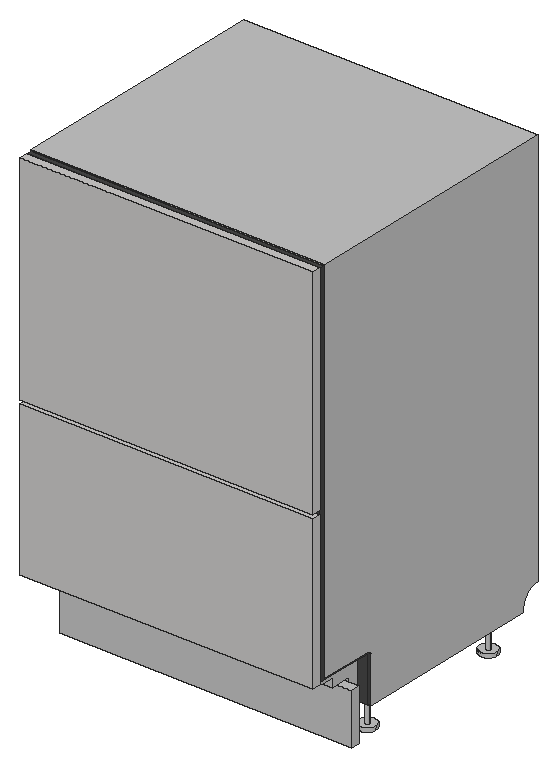
Revit family "FP-Revit18-en-DD60DTX6I1-DishDrawer-0-90001208B-NZ-AU-UK-IE-EU-CN-SG-ASIA", category Specialty Equipment, Revit 2020
Family settings
  Round Connector Dimension = Use Diameter
  Part Type = Normal
  OmniClass Number = 23.40.40.14.31
  OmniClass Title = Cleaning and Disposal Equipment
  Work Plane-Based = No
  Always vertical = Yes
  Cut with Voids When Loaded = Yes
  Shared = No
  Room Calculation Point = No
Parameters (values of type "DD60DTX6I1-DD60DTX6HI1")
  Visibility - Toe Kick = yes
  Visibility - Door Panel = yes
  Visibility - Clearance Required = yes
  URL = "www.fisherpaykel.com"
  Toe Kick - Recess (40mm - 100mm) = 100 mm
  Product - Width = 599 mm  # constant formula
  Product - Height (864mm - 924mm) = 924 mm
  Product - Depth = 571 mm  # constant formula
  Panel - Depth [instance] = 18 mm
  Model = "DD60DTX6HI1"
  Material - Trim = Fisher & Paykel - Black
  Material - Toe Kick = Fisher & Paykel - Stainless Steel
  Material - Front = Fisher & Paykel - Stainless Steel
  Material - Body = Fisher & Paykel - Grey
  Manufacturer = "Fisher & Paykel Appliances"
  Lower panel extension (311 - 361mm) = 311 mm
  Description = "60cm DishDrawer, Integrated"
  Default Elevation = 0 mm
  Connector Description - Water = "3/4” BSP (GB20) to suit flat washer"
  Connector Description - Sanitary = "Drain Hose to spigot or standpipe"
  Connector Description - Electrical = "220-240 V, 50 Hz, min 8.5 A, fused electrical supply"
  Chassis - Height (855mm Tall or 811mm Std) = 855 mm  # constant formula
  Chassis - Depth = 553 mm  # constant formula
  Cavity - Width = 600 mm  # constant formula
  Cavity - Depth (excluding front panel) = 560 mm  # constant formula
Types (2, lengths in mm): name | Visibility - Toe Kick | Visibility - Door Panel | Product - Height (864mm - 924mm) | Model | Lower panel extension (311 - 361mm) | Connector Description - Sanitary
  DD60DTX6I1-DD60DTX6HI1 | yes | yes | 924 | "DD60DTX6HI1" | 311 | "Drain Hose to spigot or standpipe"
  DD60DTX6I1 | no | no | 900 | "DD60DTX6I1" | 310.5 | "Drain Hose, No Fitting Required"
Reference planes
  plane 1 "Datum": y = 0
  plane 2: z = 0
  plane 3 "Center (Left/Right)": x = 0
  plane 4: z = 0
  plane 5 "Product LHS": x = -299.5
  plane 6 "Product RHS": x = 299.5
  plane 7 "Product - Depth": y = 553
  plane 8 "Cavity LHS": x = -300
  plane 9 "Cavity RHS": x = 300
  plane 10 "Cavity - Depth": y = 560
  plane 11 "Leg Height": z = 69
  plane 12 "Product - Height": z = 924
  plane 13 "Cavity - Height": z = 926
  plane 14 "Door Panel - Depth": y = -18
Forms (mm)
  Extrusion 1, solid, material "Fisher & Paykel - Grey" <- "Material - Body"
    sketch origin (0, 0, 0) x (0, 1, 0) y (0, 0, 1)
      loop
        line (12, 924) -> (12, 170.5) -> (118.15, 170.5)
        arc (118.15, 170.5) -> (125.221, 167.571) -> (128.15, 160.5) r 10
        line (128.15, 160.5) -> (128.15, 69) -> (510.35, 69) -> (510.35, 113.298) -> (553, 113.298) -> (553, 924) -> (12, 924)
    from -299.5 to 299.5
  Extrusion 2, solid, material "Fisher & Paykel - Grey" <- "Material - Body", detail levels fine
    sketch origin (0, 0, 0) x (1, 0, 0) y (0, 0, 1)
      loop
        line (-274, 870.4) -> (-274, 657.176)
        arc (-274, 657.176) -> (-272.536, 653.64) -> (-269, 652.176) r 5
        line (-269, 652.176) -> (-250, 652.176) -> (-250, 482) -> (250, 482) -> (250, 652.907) -> (269, 652.907)
        arc (269, 652.907) -> (272.536, 654.371) -> (274, 657.907) r 5
        line (274, 657.907) -> (274, 870.4)
        arc (274, 870.4) -> (271.071, 877.471) -> (264, 880.4) r 10
        line (264, 880.4) -> (-264, 880.4)
        arc (-264, 880.4) -> (-271.071, 877.471) -> (-274, 870.4) r 10
      loop
        line (-274, 470.676) -> (-274, 451.976)
        arc (-274, 451.976) -> (-272.536, 448.44) -> (-269, 446.976) r 5
        line (-269, 446.976) -> (-235, 446.976) -> (-235, 440.976) -> (-269, 440.976)
        arc (-269, 440.976) -> (-272.536, 439.512) -> (-274, 435.976) r 5
        line (-274, 435.976) -> (-274, 213.476) -> (-250, 213.476) -> (-250, 163.476) -> (250, 163.476) -> (250, 213.476) -> (274, 213.476) -> (274, 435.976)
        arc (274, 435.976) -> (272.536, 439.512) -> (269, 440.976) r 5
        line (269, 440.976) -> (235, 440.976) -> (235, 446.976) -> (269, 446.976)
        arc (269, 446.976) -> (272.536, 448.44) -> (274, 451.976) r 5
        line (274, 451.976) -> (274, 470.676) -> (-274, 470.676)
      loop
        circle (241, 428.875) r 2.5
      loop
        circle (196.5, 357.976) r 8
      loop
        circle (213, 324.976) r 8
      loop
        circle (180, 324.976) r 8
      loop
        circle (262.5, 299.976) r 2.017
      loop
        circle (263.5, 240.576) r 2.612
      loop
        circle (263.5, 362.976) r 2.718
      loop
        circle (262.5, 395.476) r 2
      loop
        circle (-241, 428.875) r 2.5
      loop
        circle (-262.5, 299.976) r 2.017
      loop
        circle (-263.5, 245.576) r 2.612
      loop
        circle (-263.5, 367.976) r 2.718
      loop
        circle (-262.5, 395.476) r 2
      loop
        circle (262.5, 839.676) r 1.941
      loop
        circle (263.5, 812.176) r 2.488
      loop
        circle (262.5, 744.907) r 2
      loop
        circle (263.5, 690.507) r 2.685
      loop
        circle (-262.5, 839.676) r 1.941
      loop
        circle (-263.5, 812.176) r 2.488
      loop
        circle (-262.5, 744.176) r 2
      loop
        line (103, 446.976) -> (103, 440.976) -> (225, 440.976) -> (225, 446.976) -> (103, 446.976)
      loop
        line (-77, 446.976) -> (-77, 435.976) -> (-21, 435.976) -> (-21, 440.976) -> (21, 440.976) -> (21, 435.976) -> (77, 435.976) -> (77, 446.976) -> (-77, 446.976)
      loop
        line (-103, 446.976) -> (-225, 446.976) -> (-225, 440.976) -> (-103, 440.976) -> (-103, 446.976)
      loop
        circle (196.5, 794.907) r 8
      loop
        circle (213, 761.907) r 8
      loop
        circle (180, 761.907) r 8
    from 0 to 0.8
  Extrusion 3, solid, material "Fisher & Paykel - Black" <- "Material - Trim"
    sketch origin (0, 0, 0) x (1, 0, 0) y (0, 0, 1)
      loop
        line (-297.5, 922.541) -> (-297.5, 166.404) -> (-283.999, 166.404) -> (-283.999, 914) -> (284, 914) -> (284, 166.404) -> (297.5, 166.404) -> (297.5, 922.541) -> (-297.5, 922.541)
    from -12 to 0
  Extrusion 4, solid, material "Fisher & Paykel - Grey" <- "Material - Body"
    sketch origin (0, -1.875, 0) x (1, 0, 0) y (0, 1, 0)
      loop
        circle (-260.6, 478.3) r 4
      loop
        circle (-260.6, 170.1) r 4
      loop
        circle (260.6, 478.3) r 4
      loop
        circle (260.6, 170.1) r 4
    from 7 to 69
  Extrusion 5, solid, material "Fisher & Paykel - Grey" <- "Material - Body"
    sketch origin (0, -1.875, 0) x (1, 0, 0) y (0, 1, 0)
      loop
        circle (-260.6, 170.1) r 17.816
      loop
        circle (-260.6, 478.3) r 17.816
      loop
        circle (260.6, 170.1) r 17.816
      loop
        circle (260.6, 478.3) r 17.816
    from 0 to 7
  Sweep 6, solid, material "Fisher & Paykel - Grey" <- "Material - Body", detail levels medium+fine
    path origin (0, 537.938, 0) x (1, 0, 0) y (0, 0, 1)
      loop
        line (-134.5, 113.298) -> (-134.5, 89)
        arc (-134.5, 89) -> (-140.358, 74.858) -> (-154.5, 69) r 20
        line (-154.5, 69) -> (-349.5, 69)
    profile origin (-134.5, 537.938, 101.149) x (0, -1, 0) y (1, 0, 0)
      loop
        circle (0, 0) r 9
  Sweep 7, solid, material "Fisher & Paykel - Grey" <- "Material - Body", detail levels medium+fine
    path origin (0, 537.938, 0) x (1, 0, 0) y (0, 0, 1)
      loop
        line (-189.5, 113.298) -> (-189.5, 105)
        arc (-189.5, 105) -> (-195.358, 90.858) -> (-209.5, 85) r 20
        line (-209.5, 85) -> (-349.5, 85)
    profile origin (-189.5, 537.938, 109.149) x (0, -1, 0) y (1, 0, 0)
      loop
        circle (0, 0) r 9
  Sweep 8, solid, material "Fisher & Paykel - Grey" <- "Material - Body", detail levels medium+fine
    path origin (0, 0, 0) x (1, 0, 0) y (0, 0, 1)
      loop
        line (-349.186, 77.851) -> (-218.186, 77.851)
        arc (-218.186, 77.851) -> (-204.044, 83.709) -> (-198.186, 97.851) r 20
        line (-198.186, 97.851) -> (-198.186, 113.298)
    profile origin (-198.186, 0, 105.575) x (-1, 0, 0) y (0, -1, 0)
      loop
        circle (0, -524.105) r 5
  Extrusion 9, solid, material "Fisher & Paykel - Clearance Required", visible <- "Visibility - Clearance Required", detail levels coarse
    sketch origin (0, 0, 0) x (0, 1, 0) y (0, 0, 1)
      loop
        line (-545, 12) -> (-18, 12) -> (-18, 473.976) -> (-545, 473.976) -> (-545, 404.976) -> (-586, 404.976) -> (-586, 388.973) -> (-545, 388.973) -> (-545, 12)
      loop
        line (-18, 482) -> (-18, 924) -> (-545, 924) -> (-545, 855) -> (-586, 855) -> (-586, 838.997) -> (-545, 838.997) -> (-545, 482) -> (-18, 482)
    from -300 to 300
  Extrusion 10, solid, material "Fisher & Paykel - Clearance Required", visible <- "Visibility - Clearance Required", detail levels coarse
    sketch origin (0, 0, 0) x (1, 0, 0) y (0, 1, 0)
      loop
        line (300, 560) -> (-300, 560) -> (-300, -18) -> (300, -18) -> (300, 560)
    from 0 to 926
  Extrusion 11, void
    sketch origin (0, 0, 0) x (1, 0, 0) y (0, 1, 0)
      loop
        line (-300, -18) -> (300, -18) -> (300, 560) -> (-300, 560) -> (-300, -18)
    from 0 to 926
  Extrusion 12, solid, material "Fisher & Paykel - Grey" <- "Material - Body"
    sketch origin (0, 0, 0) x (1, 0, 0) y (0, 0, 1)
      loop
        line (-283.999, 914) -> (-283.999, 166.404) -> (284, 166.404) -> (284, 914) -> (-283.999, 914)
    from -12 to 0
  Extrusion 13, solid, material "Fisher & Paykel - Grey" <- "Material - Body"
    sketch origin (0, 0, 0) x (0, 1, 0) y (0, 0, 1)
      loop
        line (124.15, 74.492) -> (124.15, 166.404) -> (0, 166.404) -> (0, 153.265)
        arc (0, 153.265) -> (17.333, 145.771) -> (35.586, 140.932) r 126.919
        line (35.586, 140.932) -> (61.053, 140.932) -> (61.053, 123.582) -> (103.548, 123.582) -> (103.548, 112.084) -> (122.346, 101.363) -> (122.346, 74.492) -> (124.15, 74.492)
    from -275 to 275
  Extrusion 14, solid, material "Fisher & Paykel - Grey" <- "Material - Body", detail levels fine
    sketch origin (0, 0, 0) x (0, 1, 0) y (0, 0, 1)
      loop
        arc (545.956, 103.845) -> (549.529, 105.356) -> (550.933, 108.972) r 4.979
        line (550.933, 108.972) -> (550.933, 113.298) -> (510.35, 113.298) -> (510.35, 85.689) -> (530.184, 103.845) -> (545.956, 103.845)
    from -229.8 to -91.607
  Sweep 15, solid, material "Fisher & Paykel - Grey" <- "Material - Body", detail levels medium+fine
    path origin (0, 0, 0) x (1, 0, 0) y (0, 1, 0)
      loop
        line (-47.875, 510.35) -> (-47.875, 529.222)
        arc (-47.875, 529.222) -> (-52.269, 539.828) -> (-62.875, 544.222) r 15
        line (-62.875, 544.222) -> (-349.5, 544.222)
    profile origin (-47.875, 519.786, 0) x (-1, 0, 0) y (0, 0, 1)
      loop
        circle (0, 93.3) r 5
  Extrusion 16, solid, material "Fisher & Paykel - Black" <- "Material - Trim", detail levels fine
    sketch origin (0, 0, 0) x (0, 1, 0) y (0, 0, 1)
      loop
        line (128.15, 72.091) -> (128.15, 160.5)
        arc (128.15, 160.5) -> (125.221, 167.571) -> (118.15, 170.5) r 10
        line (118.15, 170.5) -> (12, 170.5) -> (12, 166.404) -> (124.15, 166.404) -> (124.15, 72.091) -> (128.15, 72.091)
    from -297.5 to 297.5
  Extrusion 17, solid, material "Fisher & Paykel - Grey" <- "Material - Body"
    sketch origin (0, 0, 0) x (0, 1, 0) y (0, 0, 1)
      loop
        line (510.35, 113.298) -> (510.35, 69) -> (514.35, 69)
        arc (514.35, 69) -> (525.48, 97.009) -> (553, 109.298) r 40
        line (553, 109.298) -> (553, 113.298) -> (510.35, 113.298)
    from 288.5 to 299.5
  Extrusion 18, solid, material "Fisher & Paykel - Grey" <- "Material - Body"
    sketch origin (0, 0, 0) x (0, 1, 0) y (0, 0, -1)
      loop
        line (510.35, -113.298) -> (553, -113.298) -> (553, -109.298)
        arc (553, -109.298) -> (525.48, -97.009) -> (514.35, -69) r 40
        line (514.35, -69) -> (510.35, -69) -> (510.35, -113.298)
    from 288.5 to 299.5
  Extrusion 19, solid, material "Fisher & Paykel - Stainless Steel" <- "Material - Front", visible <- "Visibility - Door Panel"
    sketch origin (0, 0, 0) x (1, 0, 0) y (0, 0, 1)
      loop
        line (-298, 924) -> (-298, 482) -> (298, 482) -> (298, 924) -> (-298, 924)
      loop
        line (-298, 473.976) -> (-298, 162.976) -> (298, 162.976) -> (298, 473.976) -> (-298, 473.976)
    from 0.8 to 18
  Extrusion 20, solid, material "Fisher & Paykel - Grey", visible <- "Visibility - Toe Kick"
    sketch origin (0, 0, 0) x (0, 1, 0) y (0, 0, 1)
      loop
        line (100, 12) -> (100, 135) -> (82, 135) -> (82, 12) -> (100, 12)
    from -297.5 to 297.5
  Extrusion 21, void
    sketch origin (229.237, 0, 0) x (0, 1, 0) y (0, 0, 1)
      loop
        line (122.346, 101.363) -> (122.346, 166.404) -> (61.053, 166.404) -> (61.053, 116.404) -> (103.548, 116.404) -> (103.548, 112.084) -> (122.346, 101.363)
    from 0 to 600
  Extrusion 22, void
    sketch origin (229.237, 0, 0) x (0, 1, 0) y (0, 0, 1)
      loop
        line (122.346, 101.363) -> (122.346, 74.492) -> (124.15, 74.492) -> (124.15, 135) -> (61.053, 135) -> (61.053, 116.582) -> (103.548, 116.582) -> (103.548, 112.084) -> (122.346, 101.363)
    from -526.737 to 68.263
Cuts and joins
  joined: Extrusion 1, Extrusion 17, Extrusion 18
  Extrusion 21, Extrusion 22 cuts Extrusion 12
  joined: Extrusion 12, Extrusion 13
  Extrusion 21, Extrusion 22 cuts Extrusion 10
  Extrusion 21, Extrusion 22 cuts Extrusion 16
  Extrusion 22 cuts Extrusion 20
Text (mm)
  text "Due to ongoing product development, product details are subject to change without notice. \nPlease always refer to www.fisherpaykel.com for the most current product information. \n© Fisher & Paykel 2020" at (41.04, -690.05, 0), in view "Ref. Level (Plan)"
Dimensions and locks
  equal spacing: plane 5 "Product LHS", plane 3 "Center (Left/Right)", plane 6 "Product RHS"
  "Product - Width": plane 5 "Product LHS" to plane 6 "Product RHS"
  "Chassis - Depth": plane 1 "Datum" to plane 7 "Product - Depth"
  equal spacing: plane 8 "Cavity LHS", plane 3 "Center (Left/Right)", plane 9 "Cavity RHS"
  "Cavity - Width": plane 8 "Cavity LHS" to plane 9 "Cavity RHS"
  Extrusion 1 sketch curve to Extrusion 1 sketch curve = 855 mm
  Extrusion 2 sketch curve to plane 11 "Leg Height" = 401.676 mm
  "Chassis - Height (855mm Tall or 811mm Std)": plane 12 "Product - Height" to plane 11 "Leg Height"
  Extrusion 2 sketch curve to plane 11 "Leg Height" = 583.176 mm
  locked: plane 12 "Product - Height" to Extrusion 2 sketch curve at 43.6
  "Product - Height (864mm - 924mm)": plane 12 "Product - Height" to level
  plane 12 "Product - Height" to Extrusion 2 = 43.6 mm
  Extrusion 2 to plane 11 "Leg Height" = 401.676 mm
  Extrusion 2 to plane 11 "Leg Height" = 413 mm
  locked: plane 13 "Cavity - Height" to plane 12 "Product - Height" at 2
  "Panel - Depth": plane 14 "Door Panel - Depth" to plane 1 "Datum"
  plane 14 "Door Panel - Depth" to plane 7 "Product - Depth" = 571 mm
  locked: plane 11 "Leg Height" to Sweep 15 sketch curve at 24.3
  equal spacing: Extrusion 19 sketch curve, plane 3 "Center (Left/Right)", Extrusion 19 sketch curve
  locked: Extrusion 19 sketch curve to Extrusion 19 sketch curve at 442
  "Lower panel extension (311 - 361mm)": Extrusion 19 sketch curve to Extrusion 19 sketch curve
  locked: Extrusion 19 sketch curve to Extrusion 19 sketch curve at 8.024
  locked: Extrusion 19 sketch curve to Extrusion 19 sketch curve at 596
  plane 12 "Product - Height" to Extrusion 19 sketch curve = 0 mm
  locked: plane 11 "Leg Height" to cut or joined group of Extrusion 12, Extrusion 13, Extrusion 21, Extrusion 22 at 71.932
  "Panel - Depth": Extrusion 20 to Extrusion 20
  "Toe Kick - Recess (40mm - 100mm)": plane 14 "Door Panel - Depth" to Extrusion 20
  "Cavity - Depth (excluding front panel)": plane 1 "Datum" to plane 10 "Cavity - Depth"
  Extrusion 19 to Extrusion 9 sketch curve = 150.976 mm
  locked: level to Extrusion 20 sketch curve at 12
  locked: Extrusion 16 to Extrusion 20 sketch curve at 31.404
  locked: Extrusion 21 sketch curve to cut or joined group of Extrusion 12, Extrusion 13, Extrusion 21, Extrusion 22 at 7.178
  plane 6 "Product RHS" to Extrusion 22 = 2 mm
  locked: Extrusion 22 sketch curve to cut or joined group of Extrusion 12, Extrusion 13, Extrusion 21, Extrusion 22 at 7
  locked: Extrusion 9 sketch curve to level at 12
  aligned and locked: level to plane 2
  aligned and locked: Extrusion 1 sketch curve to plane 11 "Leg Height"
  aligned and locked: Extrusion 4 to Extrusion 5
  aligned and locked: plane 12 "Product - Height" to Extrusion 1
  aligned and locked: Extrusion 9 to plane 9 "Cavity RHS"
  aligned and locked: plane 8 "Cavity LHS" to Extrusion 9
  aligned and locked: Extrusion 10 sketch curve to plane 8 "Cavity LHS"
  aligned and locked: Extrusion 10 sketch curve to plane 9 "Cavity RHS"
  aligned and locked: plane 10 "Cavity - Depth" to Extrusion 10 sketch curve
  aligned and locked: Extrusion 4 to Extrusion 1
  aligned and locked: plane 13 "Cavity - Height" to Extrusion 11
  aligned and locked: Extrusion 17 sketch curve to Extrusion 1
  aligned and locked: cut or joined group of Extrusion 1, Extrusion 17, Extrusion 18 to Sweep 6 sketch curve
  aligned and locked: cut or joined group of Extrusion 1, Extrusion 17, Extrusion 18 to Sweep 7 sketch curve
  aligned and locked: Sweep 7 to Sweep 8 sketch curve
  aligned and locked: Extrusion 19 sketch curve to Extrusion 19 sketch curve  (x2)
  aligned and locked: Extrusion 19 to Extrusion 9
  aligned and locked: Extrusion 11 to Extrusion 19
  aligned and locked: Extrusion 9 to Extrusion 2
  aligned and locked: Extrusion 10 to Extrusion 9
  aligned and locked: Extrusion 11 to Extrusion 9
  aligned and locked: plane 14 "Door Panel - Depth" to Extrusion 19
  aligned and locked: plane 12 "Product - Height" to Extrusion 9
  aligned and locked: Extrusion 10 to Extrusion 11
  aligned and locked: Extrusion 21 sketch curve to cut or joined group of Extrusion 12, Extrusion 13, Extrusion 21, Extrusion 22  (x3)
  aligned and locked: Extrusion 16 to Extrusion 21 sketch curve
  aligned and locked: Extrusion 22 sketch curve to cut or joined group of Extrusion 12, Extrusion 13, Extrusion 21, Extrusion 22  (x5)
  aligned and locked: Extrusion 3 to Extrusion 22
  aligned and locked: Extrusion 22 to Extrusion 3
Automatic sketch dimensions
  Extrusion 1 sketch curve to plane 7 "Product - Depth" = 0 mm
  Extrusion 1 sketch curve to plane 7 "Product - Depth" = 42.65 mm
  Extrusion 1 sketch curve to plane 1 "Datum" = 128.15 mm
  Extrusion 1 sketch curve to Extrusion 1 sketch curve = 10 mm
  Extrusion 1 sketch curve to plane 1 "Datum" = 12 mm
  Extrusion 1 sketch curve to plane 11 "Leg Height" = 44.298 mm
  Extrusion 1 sketch curve to plane 11 "Leg Height" = 91.5 mm
  Extrusion 2 sketch curve to plane 5 "Product LHS" = 25.5 mm  (x3)
  Extrusion 2 sketch curve to Extrusion 2 sketch curve = 5 mm  (x7)
  Extrusion 2 sketch curve to Extrusion 2 sketch curve = 10 mm  (x3)
  Extrusion 2 sketch curve to plane 5 "Product LHS" = 36 mm  (x2)
  Extrusion 2 sketch curve to Extrusion 2 sketch curve = 10.5 mm
  Extrusion 2 sketch curve to Extrusion 2 sketch curve = 1 mm  (x4)
  Extrusion 2 sketch curve to plane 5 "Product LHS" = 37 mm  (x2)
  Extrusion 2 sketch curve to Extrusion 2 sketch curve = 24 mm  (x2)
  Extrusion 2 sketch curve to plane 5 "Product LHS" = 49.5 mm
  Extrusion 2 sketch curve to Extrusion 2 sketch curve = 28 mm
  Extrusion 2 sketch curve to Extrusion 2 sketch curve = 6 mm  (x7)
  Extrusion 2 sketch curve to plane 3 "Center (Left/Right)" = 103 mm
  Extrusion 2 sketch curve to Extrusion 2 sketch curve = 26 mm  (x2)
  Extrusion 2 sketch curve to plane 3 "Center (Left/Right)" = 21 mm
  plane 3 "Center (Left/Right)" to Extrusion 2 sketch curve = 21 mm
  Extrusion 2 sketch curve to Extrusion 2 sketch curve = 56 mm
  plane 6 "Product RHS" to Extrusion 2 sketch curve = 119.5 mm  (x2)
  Extrusion 2 sketch curve to Extrusion 2 sketch curve = 16.5 mm  (x2)
  Extrusion 2 sketch curve to Extrusion 2 sketch curve = 33 mm  (x4)
  plane 6 "Product RHS" to Extrusion 2 sketch curve = 74.5 mm
  plane 6 "Product RHS" to Extrusion 2 sketch curve = 49.5 mm  (x2)
  plane 6 "Product RHS" to Extrusion 2 sketch curve = 37 mm  (x4)
  Extrusion 2 sketch curve to Extrusion 2 sketch curve = 13.5 mm
  plane 6 "Product RHS" to Extrusion 2 sketch curve = 36 mm
  Extrusion 2 sketch curve to Extrusion 2 sketch curve = 1.5 mm
  plane 6 "Product RHS" to Extrusion 2 sketch curve = 30.5 mm
  Extrusion 2 sketch curve to Extrusion 2 sketch curve = 19 mm
  Extrusion 2 sketch curve to Extrusion 2 sketch curve = 0 mm  (x6)
  Extrusion 2 sketch curve to Extrusion 2 sketch curve = 18.7 mm  (x2)
  Extrusion 2 sketch curve to Extrusion 2 sketch curve = 11 mm
  Extrusion 2 sketch curve to Extrusion 2 sketch curve = 12.101 mm  (x2)
  Extrusion 2 sketch curve to Extrusion 2 sketch curve = 33.399 mm  (x2)
  Extrusion 2 sketch curve to Extrusion 2 sketch curve = 27.5 mm  (x3)
  Extrusion 2 sketch curve to Extrusion 2 sketch curve = 32.5 mm
  Extrusion 2 sketch curve to Extrusion 2 sketch curve = 68 mm
  Extrusion 2 sketch curve to Extrusion 2 sketch curve = 25 mm
  Extrusion 2 sketch curve to Extrusion 2 sketch curve = 54.4 mm  (x2)
  Extrusion 2 sketch curve to Extrusion 2 sketch curve = 59.4 mm
  Extrusion 2 sketch curve to Extrusion 2 sketch curve = 27.1 mm
  Extrusion 2 sketch curve to Extrusion 2 sketch curve = 32.1 mm
  Extrusion 2 sketch curve to Extrusion 2 sketch curve = 50 mm
  Extrusion 2 sketch curve to Extrusion 2 sketch curve = 11.324 mm
  Extrusion 2 sketch curve to Extrusion 2 sketch curve = 170.907 mm
  Extrusion 2 sketch curve to Extrusion 2 sketch curve = 32.6 mm
  Extrusion 2 sketch curve to Extrusion 2 sketch curve = 87 mm
  Extrusion 2 sketch curve to Extrusion 2 sketch curve = 17 mm
  Extrusion 2 sketch curve to Extrusion 2 sketch curve = 58.224 mm  (x2)
  Extrusion 3 sketch curve to plane 5 "Product LHS" = 2 mm
  Extrusion 3 sketch curve to plane 5 "Product LHS" = 15.501 mm
  plane 6 "Product RHS" to Extrusion 3 sketch curve = 15.5 mm
  plane 6 "Product RHS" to Extrusion 3 sketch curve = 2 mm
  Extrusion 3 sketch curve to plane 11 "Leg Height" = 97.404 mm  (x2)
  Extrusion 3 sketch curve to plane 12 "Product - Height" = 10 mm
  Extrusion 3 sketch curve to plane 12 "Product - Height" = 1.459 mm
  Extrusion 4 sketch curve to plane 5 "Product LHS" = 38.9 mm  (x2)
  plane 6 "Product RHS" to Extrusion 4 sketch curve = 38.9 mm  (x2)
  Extrusion 4 sketch curve to plane 1 "Datum" = 168.225 mm  (x2)
  Extrusion 4 sketch curve to plane 7 "Product - Depth" = 76.575 mm  (x2)
  Extrusion 5 sketch curve to plane 5 "Product LHS" = 38.9 mm  (x2)
  plane 6 "Product RHS" to Extrusion 5 sketch curve = 38.9 mm  (x2)
  Extrusion 5 sketch curve to plane 1 "Datum" = 168.225 mm  (x2)
  Extrusion 5 sketch curve to plane 7 "Product - Depth" = 76.575 mm  (x2)
  Sweep 6 sketch curve to profile plane = 0 mm
  profile plane to Sweep 6 sketch curve = 0 mm
  Sweep 7 sketch curve to profile plane = 0 mm
  profile plane to Sweep 7 sketch curve = 0 mm
  Sweep 8 sketch curve to profile plane = 0 mm
  Sweep 8 sketch curve to plane 1 "Datum" = 524.105 mm
  Extrusion 11 sketch curve to plane 8 "Cavity LHS" = 0 mm
  Extrusion 11 sketch curve to plane 9 "Cavity RHS" = 0 mm
  Extrusion 11 sketch curve to plane 14 "Door Panel - Depth" = 0 mm
  Extrusion 11 sketch curve to plane 10 "Cavity - Depth" = 0 mm
  Extrusion 12 sketch curve to plane 5 "Product LHS" = 15.501 mm
  plane 6 "Product RHS" to Extrusion 12 sketch curve = 15.5 mm
  Extrusion 12 sketch curve to plane 11 "Leg Height" = 97.404 mm
  Extrusion 12 sketch curve to plane 12 "Product - Height" = 10 mm
  Extrusion 13 sketch curve to plane 1 "Datum" = 0 mm
  Extrusion 13 sketch curve to plane 1 "Datum" = 35.586 mm
  Extrusion 13 sketch curve to plane 1 "Datum" = 58.892 mm
  Extrusion 13 sketch curve to Extrusion 13 sketch curve = 25.467 mm
  Extrusion 13 sketch curve to Extrusion 13 sketch curve = 42.495 mm
  Extrusion 13 sketch curve to plane 11 "Leg Height" = 32.363 mm
  Extrusion 13 sketch curve to Extrusion 13 sketch curve = 18.798 mm
  Extrusion 13 sketch curve to Extrusion 13 sketch curve = 20.602 mm
  Extrusion 13 sketch curve to plane 11 "Leg Height" = 5.492 mm
  Extrusion 13 sketch curve to Extrusion 13 sketch curve = 10.721 mm
  Extrusion 13 sketch curve to Extrusion 13 sketch curve = 11.498 mm
  Extrusion 13 sketch curve to Extrusion 13 sketch curve = 17.35 mm
  Extrusion 13 sketch curve to Extrusion 13 sketch curve = 12.332 mm
  Extrusion 13 sketch curve to Extrusion 13 sketch curve = 13.139 mm
  Extrusion 14 sketch curve to plane 7 "Product - Depth" = 42.65 mm
  Extrusion 14 sketch curve to Extrusion 14 sketch curve = 19.834 mm
  Extrusion 14 sketch curve to plane 7 "Product - Depth" = 7.044 mm
  Extrusion 14 sketch curve to plane 7 "Product - Depth" = 2.067 mm
  Extrusion 14 sketch curve to plane 11 "Leg Height" = 16.689 mm
  Extrusion 14 sketch curve to Extrusion 14 sketch curve = 18.156 mm
  Extrusion 14 sketch curve to Extrusion 14 sketch curve = 4.979 mm
  Extrusion 14 sketch curve to Extrusion 14 sketch curve = 4.326 mm
  Sweep 15 sketch curve to plane 7 "Product - Depth" = 8.778 mm
  Sweep 15 sketch curve to plane 3 "Center (Left/Right)" = 62.875 mm
  Sweep 15 sketch curve to Sweep 15 sketch curve = 15 mm
  plane 8 "Cavity LHS" to Sweep 15 sketch curve = 49.5 mm
  Sweep 15 sketch curve to Sweep 15 sketch curve = 18.872 mm
  Sweep 15 sketch curve to profile plane = 0 mm
  Extrusion 16 sketch curve to plane 1 "Datum" = 12 mm
  Extrusion 16 sketch curve to Extrusion 16 sketch curve = 106.15 mm
  Extrusion 16 sketch curve to plane 11 "Leg Height" = 3.091 mm
  Extrusion 16 sketch curve to Extrusion 16 sketch curve = 6 mm
  Extrusion 16 sketch curve to Extrusion 16 sketch curve = 4 mm
  Extrusion 16 sketch curve to Extrusion 16 sketch curve = 88.409 mm
  Extrusion 16 sketch curve to Extrusion 16 sketch curve = 4.096 mm
  plane 11 "Leg Height" to Extrusion 17 sketch curve = 0 mm
  Extrusion 17 sketch curve to plane 7 "Product - Depth" = 0 mm
  Extrusion 17 sketch curve to Extrusion 17 sketch curve = 4 mm  (x2)
  Extrusion 17 sketch curve to plane 11 "Leg Height" = 0.321 mm
  plane 7 "Product - Depth" to Extrusion 17 sketch curve = 1.349 mm
  plane 11 "Leg Height" to Extrusion 18 sketch curve = 0 mm
  Extrusion 18 sketch curve to plane 7 "Product - Depth" = 0 mm
  Extrusion 18 sketch curve to plane 7 "Product - Depth" = 38.65 mm
  Extrusion 18 sketch curve to Extrusion 18 sketch curve = 42.65 mm
  Extrusion 18 sketch curve to plane 11 "Leg Height" = 0.321 mm
  plane 7 "Product - Depth" to Extrusion 18 sketch curve = 1.349 mm
  Extrusion 18 sketch curve to Extrusion 18 sketch curve = 4 mm
  Sweep 8 sketch curve to plane 11 "Leg Height" = 8.851 mm
  Sweep 8 sketch curve to plane 5 "Product LHS" = 81.314 mm
  plane 8 "Cavity LHS" to Sweep 8 sketch curve = 49.186 mm
  Sweep 8 sketch curve to Sweep 8 sketch curve = 15.447 mm
  Extrusion 10 sketch curve to plane 14 "Door Panel - Depth" = 0 mm
  Extrusion 20 sketch curve to plane 1 "Datum" = 82 mm
  Extrusion 20 sketch curve to Extrusion 20 sketch curve = 18 mm
  Sweep 7 sketch curve to plane 11 "Leg Height" = 16 mm
  Sweep 7 sketch curve to plane 5 "Product LHS" = 90 mm
  Sweep 7 sketch curve to Sweep 7 sketch curve = 20 mm
  plane 8 "Cavity LHS" to Sweep 7 sketch curve = 49.5 mm
  Sweep 6 sketch curve to plane 11 "Leg Height" = 0 mm
  Sweep 6 sketch curve to plane 5 "Product LHS" = 145 mm
  Sweep 6 sketch curve to Sweep 6 sketch curve = 20 mm
  plane 8 "Cavity LHS" to Sweep 6 sketch curve = 49.5 mm
  Extrusion 21 sketch curve to plane 11 "Leg Height" = 32.363 mm
  Extrusion 22 sketch curve to plane 11 "Leg Height" = 32.363 mm
  Extrusion 22 sketch curve to Extrusion 22 sketch curve = 18.418 mm
  Extrusion 9 sketch curve to plane 12 "Product - Height" = 0 mm
  Extrusion 9 sketch curve to plane 14 "Door Panel - Depth" = 0 mm  (x2)
  plane 14 "Door Panel - Depth" to Extrusion 9 sketch curve = 527 mm  (x2)
  Extrusion 9 sketch curve to Extrusion 9 sketch curve = 0 mm  (x2)
  Extrusion 9 sketch curve to Extrusion 9 sketch curve = 41 mm  (x2)
  Extrusion 9 sketch curve to plane 11 "Leg Height" = 319.973 mm
  Extrusion 9 sketch curve to Extrusion 9 sketch curve = 16.003 mm  (x2)
  Extrusion 9 sketch curve to plane 11 "Leg Height" = 404.976 mm
  Extrusion 9 sketch curve to Extrusion 9 sketch curve = 8.024 mm
  Extrusion 9 sketch curve to Extrusion 9 sketch curve = 85.003 mm
  radius of Extrusion 2 sketch curve = 2.5 mm  (x2)
  radius of Extrusion 2 sketch curve = 8 mm  (x6)
  radius of Extrusion 2 sketch curve = 2.017 mm  (x2)
  radius of Extrusion 2 sketch curve = 2.612 mm  (x2)
  radius of Extrusion 2 sketch curve = 2.718 mm  (x2)
  radius of Extrusion 2 sketch curve = 2 mm  (x4)
  radius of Extrusion 2 sketch curve = 1.941 mm  (x2)
  radius of Extrusion 2 sketch curve = 2.488 mm  (x2)
  radius of Extrusion 2 sketch curve = 2.685 mm
  radius of Extrusion 4 sketch curve = 4 mm  (x4)
  radius of Extrusion 5 sketch curve = 17.816 mm  (x4)
  radius of Sweep 6 sketch curve = 9 mm
  radius of Sweep 7 sketch curve = 9 mm
  radius of Sweep 8 sketch curve = 5 mm
  radius of Sweep 15 sketch curve = 5 mm
Connectors
  piping at (-349.186, 524.105, 77.851), diameter 10, driven by "Connector Description - Water"
    settings: on Sweep 8, index 2, connector inside diameter 609.6 mm, connector length 0 mm, flow factor 0, pipe flow 0.0 L/s, pressure drop 0.0 Pa, fitting loss kfactor 0, connector angle 0.00°, fixture units 0, engagement length 0 mm, angle of deflection 0.00°, flow configuration 0, flow direction 1, fitting loss method 0, system type 20, joint type 0, gender type 0, connector reference index -1, connector utility 0, adjustable connector no, is connector primary yes, connector description "3/4” BSP (GB20) to suit flat washer"
  piping at (-349.5, 537.938, 85), diameter 15.9, driven by "Connector Description - Sanitary"
    settings: on Sweep 7, index 3, connector inside diameter 609.6 mm, connector length 0 mm, flow factor 0, pipe flow 0.0 L/s, pressure drop 0.0 Pa, fitting loss kfactor 0, connector angle 0.00°, fixture units 0, engagement length 0 mm, angle of deflection 0.00°, flow configuration 0, flow direction 2, fitting loss method 0, system type 16, joint type 0, gender type 0, connector reference index -1, connector utility 0, adjustable connector no, is connector primary no, connector description "Drain Hose to spigot or standpipe"
  piping at (-349.5, 537.938, 69), diameter 15.9, driven by "Connector Description - Sanitary"
    settings: on Sweep 6, index 4, connector inside diameter 609.6 mm, connector length 0 mm, flow factor 0, pipe flow 0.0 L/s, pressure drop 0.0 Pa, fitting loss kfactor 0, connector angle 0.00°, fixture units 0, engagement length 0 mm, angle of deflection 0.00°, flow configuration 0, flow direction 2, fitting loss method 0, system type 16, joint type 0, gender type 0, connector reference index -1, connector utility 0, adjustable connector no, is connector primary no, connector description "Drain Hose to spigot or standpipe"
  electrical at (-349.5, 544.222, 93.3), driven by "Connector Description - Electrical"
    settings: on Sweep 15, index 5, voltage 230 V, apparent load 0 VA, apparent load phase1 0 VA, apparent load phase2 0 VA, apparent load phase3 0 VA, power factor 1, load classification "Other", number of poles 1, system type 30, power factor state 1, is connector primary yes, connector utility no, sub classification motor no, connector description "220-240 V, 50 Hz, min 8.5 A, fused electrical supply"
